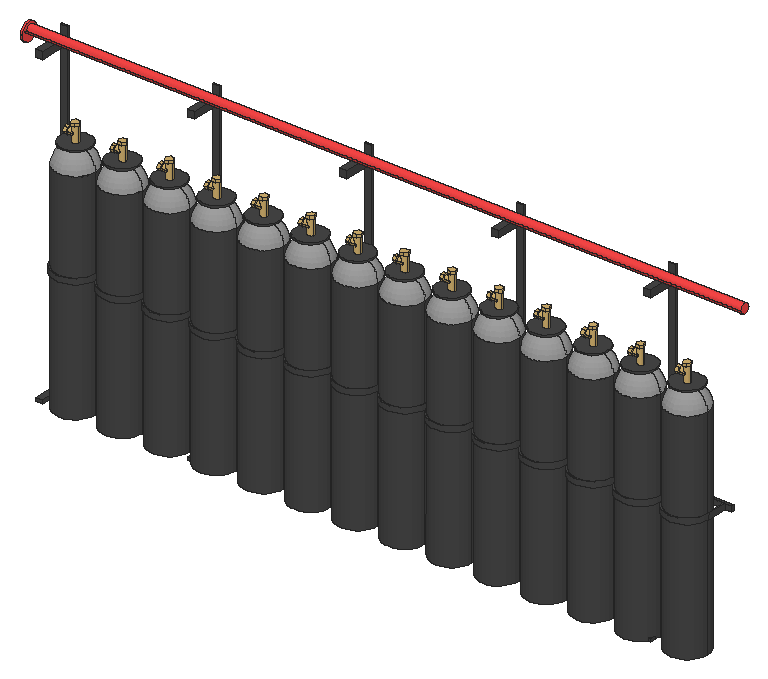
Revit family "Batería de cilindros de 80l en simple fila CO2_Aguilera Extincion", category Equipos especializados, Revit 2017
Family settings
  Anfitrión = Suelo
  Cota de conector redondo = Radio de uso
  Tipo de pieza = Normal
  Número OmniClass = 23.65.20.14.24
  Título OmniClass = Other Gas Storage Vessels
  Siempre vertical = Sí
  Corte con vacíos al cargar = No
  Compartido = No
  Punto de cálculo de habitación = No
Parameters (values of type "Batería 14 cilindros CO2 - 80 l")
  URL = "https://aguilera.es/?productos=baterias-de-botellas-en-una-fila-para-co2"
  Símbolo texto = yes
  Símbolo = yes
  Rc2 = Radio colector * 2  # 63.5 mm
  Radio colector = Diámetro colector / 2  # 31.75 mm
  R = Diámetro / 2  # 133.5 mm
  Número soportes = 5
  Número de cilindros = 14
  Modelo = "AEX/SBCO1480"
  Lt1 = Lt * 0.9  # 4663.8 mm
  Lt = 5182 mm
  Lci = D2 + 40 mm  # 380 mm
  Lcc = Lt1 / (Número soportes - 0.75)  # 1097.365 mm
  Lc = 340 mm  # constant formula
  Ht = Hc + Diámetro colector  # 2338.5 mm
  Hd = 1770 mm
  H2 = 1200 mm
  H1 = 600 mm
  Fabricante = "Aguilera Extinción"  # constant formula
  Diámetro colector = 63.5 mm
  Descripción = "Batería de alta presión formada con cilindros de 80 L de capacidad.\r\n\r\nFabricados en acero tratado térmicamente, sin soldadura, (según instrucción MIE AP7 de aparatos a presión y Directiva Europea 84/525/CEE). Presión de trabajo 60 bar, presión de prueba 250 bar, temperaturas de servicio de -20ºC a +50ºC. Grabados y pintados según normativa.\r\n\r\nEquipados con válvula principal AE-100 de 1” con apertura neumática a través del cabezal, válvulas antirretorno, latiguillos para el accionamiento neumático de disparo y latiguillos de descarga. Ensambladas en bastidor metálico con doble herraje de fijación y colector de descarga con rosca de acoplamiento a la instalación. Los bastidores pueden ser realizados mediante montaje de botellas en una sola fila."  # constant formula
  Diámetro = 267 mm
  Hc = 2275 mm  # constant formula
  D2 = 340 mm  # constant formula
  Cilindro = Cilindro autonomo CO2_Aguilera Extincion : Cilindro autónomo CO2 - 80 l
Types (14, lengths in mm): name | Rc2 | Radio colector | Número soportes | Número de cilindros | Modelo | Lt1 | Lt | Lcc | Ht | Diámetro colector
  (no name) | 63.5 | 31.75 | 5 | 14 | "AEX/SBCO1480" | 4663.8 | 5182 | 1097.365 | 2338.5 | 63.5
  Batería 2 cilindros CO2 - 80 l | 25.4 | 12.7 | 2 | 2 | "AEX/SBCO280" | 896.4 | 996 | 717.12 | 2300.4 | 25.4
  Batería 3 cilindros CO2 - 80 l | 31.8 | 15.9 | 2 | 3 | "AEX/SBCO380" | 1202.4 | 1336 | 961.92 | 2306.8 | 31.8
  Batería 4 cilindros CO2 - 80 l | 31.8 | 15.9 | 2 | 4 | "AEX/SBCO480" | 1508.4 | 1676 | 1206.72 | 2306.8 | 31.8
  Batería 5 cilindros CO2 - 80 l | 31.8 | 15.9 | 2 | 5 | "AEX/SBCO580" | 1814.4 | 2016 | 1451.52 | 2306.8 | 31.8
  Batería 6 cilindros CO2 - 80 l | 38.1 | 19.05 | 2 | 6 | "AEX/SBCO680" | 2120.4 | 2356 | 1696.32 | 2313.1 | 38.1
  Batería 7 cilindros CO2 - 80 l | 50.8 | 25.4 | 3 | 7 | "AEX/SBCO780" | 2426.4 | 2696 | 1078.4 | 2325.8 | 50.8
  Batería 8 cilindros CO2 - 80 l | 50.8 | 25.4 | 3 | 8 | "AEX/SBCO880" | 2732.4 | 3036 | 1214.4 | 2325.8 | 50.8
  Batería 9 cilindros CO2 - 80 l | 50.8 | 25.4 | 3 | 9 | "AEX/SBCO980" | 3041.1 | 3379 | 1351.6 | 2325.8 | 50.8
  Batería 10 cilindros CO2 - 80 l | 50.8 | 25.4 | 3 | 10 | "AEX/SBCO1080" | 3347.1 | 3719 | 1487.6 | 2325.8 | 50.8
  Batería 11 cilindros CO2 - 80 l | 50.8 | 25.4 | 4 | 11 | "AEX/SBCO1180" | 3653.1 | 4059 | 1124.031 | 2325.8 | 50.8
  Batería 12 cilindros CO2 - 80 l | 63.5 | 31.75 | 4 | 12 | "AEX/SBCO1280" | 3959.1 | 4399 | 1218.185 | 2338.5 | 63.5
  Batería 13 cilindros CO2 - 80 l | 63.5 | 31.75 | 4 | 13 | "AEX/SBCO1380" | 4265.1 | 4739 | 1312.338 | 2338.5 | 63.5
  Batería 14 cilindros CO2 - 80 l | 63.5 | 31.75 | 5 | 14 | "AEX/SBCO1480" | 4663.8 | 5182 | 1097.365 | 2338.5 | 63.5
Reference planes
  plane 1 "Centro (Frontal/Posterior)": y = 0
  plane 2: z = 0
  plane 3 "Centro (Izquierda/Derecha)": x = 0
  plane 4: y = 133.5
  plane 5: z = 600
  plane 6: z = 1200
  plane 7: z = 1565
  plane 8: z = 1703.58
  plane 9: z = 1770
  plane 10: z = 2275
  plane 11: z = 2338.5
  plane 12: x = -600
  plane 13: x = 4582
  plane 14: y = 153.5
  plane 15: x = -440
  plane 16: y = 40.5
  plane 17: z = 2318.5
Forms (mm)
  Extrusion 1, solid, material "Acero rojo"
    sketch origin (0, 0, 0) x (0, 1, 0) y (0, 0, 1)
      loop
        circle (40.5, 2306.75) r 31.75
    from -600 to 4582
  Extrusion 2, solid, material "Acero rojo"
    sketch origin (0, 0, 0) x (0, 1, 0) y (0, 0, 1)
      loop
        circle (40.5, 2284.1) r 63.5
    from -600 to -582.73
Dimensions and locks
  "H1": plane 5 to plane 2
  "H2": plane 6 to plane 2
  "Hd": plane 9 to plane 2
  "Hc": plane 10 to plane 2
  locked: plane 9 to plane 8 at 66.42
  locked: plane 9 to plane 7 at 205
  "R": plane 1 "Centro (Frontal/Posterior)" to plane 4
  "Lt": plane 13 to plane 12
  "Ht": plane 11 to plane 2
  locked: plane 11 to plane 17 at 20
  "Ht": Extrusion 1 sketch curve to plane 2
  equal spacing: group 1, group 2, group 5, group 6, group 7, group 8, group 9, group 10, group 12, group 13, group 14, group 15, group 16, group 17  (x3)
  "D2": nested 1 to nested 2
  equal spacing: group 3, group 4, group 11, group 18, group 19  (x3)
  "Lcc": nested 5 to plane 15
  "Lci": nested 1 to plane 12
  "Radio colector": radius of Extrusion 1 sketch curve
  "Rc2": radius of Extrusion 2 sketch curve
  aligned and locked: level to plane 2
  aligned and locked: Extrusion 1 to plane 12
  aligned and locked: plane 13 to Extrusion 1
  aligned and locked: Extrusion 2 to plane 12
Automatic sketch dimensions
  Extrusion 1 sketch curve to plane 16 = 0 mm
  Extrusion 2 sketch curve to plane 16 = 0 mm
  plane 10 to Extrusion 2 sketch curve = 9.1 mm
Nested families
  nested 1: "Cilindro autonomo CO2_Aguilera Extincion" at (-220, 0, 0), type <- "Cilindro", type "Cilindro autónomo CO2 - 80 l"
  nested 2: "Cilindro autonomo CO2_Aguilera Extincion" at (120, 0, 0), type <- "Cilindro", type "Cilindro autónomo CO2 - 80 l"
  nested 3: "S_Cilindros_Aguilera Extinción" at (0, 0, 0), visible <- "Símbolo", type "S_Cilindros_Aguilera Extinción", detail levels coarse
  nested 4: "Soporte suelo" at (-60, 153.5, 0), type "Soporte suelo"
    with Ht 2275 mm
  nested 5: "Soporte suelo" at (1037.365, 153.5, 0), type "Soporte suelo"
    with Ht 2275 mm
  nested 6: "Cilindro autonomo CO2_Aguilera Extincion" at (460, 0, 0), type <- "Cilindro", type "Cilindro autónomo CO2 - 80 l"
  nested 7: "Cilindro autonomo CO2_Aguilera Extincion" at (800, 0, 0), type <- "Cilindro", type "Cilindro autónomo CO2 - 80 l"
  nested 8: "Cilindro autonomo CO2_Aguilera Extincion" at (1140, 0, 0), type <- "Cilindro", type "Cilindro autónomo CO2 - 80 l"
  nested 9: "Cilindro autonomo CO2_Aguilera Extincion" at (1480, 0, 0), type <- "Cilindro", type "Cilindro autónomo CO2 - 80 l"
  nested 10: "Cilindro autonomo CO2_Aguilera Extincion" at (1820, 0, 0), type <- "Cilindro", type "Cilindro autónomo CO2 - 80 l"
  nested 11: "Cilindro autonomo CO2_Aguilera Extincion" at (2160, 0, 0), type <- "Cilindro", type "Cilindro autónomo CO2 - 80 l"
  nested 12: "Soporte suelo" at (2134.729, 153.5, 0), type "Soporte suelo"
    with Ht 2275 mm
  nested 13: "Cilindro autonomo CO2_Aguilera Extincion" at (2500, 0, 0), type <- "Cilindro", type "Cilindro autónomo CO2 - 80 l"
  nested 14: "Cilindro autonomo CO2_Aguilera Extincion" at (2840, 0, 0), type <- "Cilindro", type "Cilindro autónomo CO2 - 80 l"
  nested 15: "Cilindro autonomo CO2_Aguilera Extincion" at (3180, 0, 0), type <- "Cilindro", type "Cilindro autónomo CO2 - 80 l"
  nested 16: "Cilindro autonomo CO2_Aguilera Extincion" at (3520, 0, 0), type <- "Cilindro", type "Cilindro autónomo CO2 - 80 l"
  nested 17: "Cilindro autonomo CO2_Aguilera Extincion" at (3860, 0, 0), type <- "Cilindro", type "Cilindro autónomo CO2 - 80 l"
  nested 18: "Cilindro autonomo CO2_Aguilera Extincion" at (4200, 0, 0), type <- "Cilindro", type "Cilindro autónomo CO2 - 80 l"
  nested 19: "Soporte suelo" at (3232.094, 153.5, 0), type "Soporte suelo"
    with Ht 2275 mm
  nested 20: "Soporte suelo" at (4329.459, 153.5, 0), type "Soporte suelo"
    with Ht 2275 mm
Connectors
  piping at (-600, 40.5, 2306.75), diameter 63.5, driven by "Radio colector"
    settings: on Extrusion 1, index 1, connector inside diameter 609.6 mm, connector length 0 mm, flow factor 0, pipe flow 0.0 L/s, pressure drop 0.0 Pa, fitting loss kfactor 0, connector angle 0.00°, fixture units 0, engagement length 0 mm, angle of deflection 0.00°, flow configuration 0, flow direction 0, fitting loss method 0, system type 28, joint type 0, gender type 0, connector reference index -1, connector utility 0, adjustable connector no, is connector primary yes, connector description ""
Definition of nested family "Cilindro autonomo CO2_Aguilera Extincion"
  Parameters (values of type "Cilindro autónomo CO2 - 67 l")
    URL = "https://aguilera.es/?productos=botellas-autonomas-de-4-7-a-120-l-para-co2"
    Símbolo texto = yes
    Símbolo = yes
    R3 = R2 * 0.2  # 21.9 mm
    R2 = R * 0.75  # 109.5 mm
    R = Diámetro / 2  # 146 mm
    Model = "AEX/CO67A"
    Herraje 2 = no
    Hd = 1600 mm
    H2 = 800 mm
    H1 = 200 mm
    Manufacturer = "Aguilera Extinción"  # constant formula
    Description = "Cilindro autónomo, fabricado en acero aleado tratado térmicamente sin soldadura, (según instrucción MIE AP7 de aparatos a presión y Directiva Europea 84/525/CEE). Presión de trabajo 60 bar, presión de prueba 250 bar, temperatura de servicio de -20ºC a +50ºC. Grabados y pintados según normativa."  # constant formula
    Diámetro = 292 mm
    H = 1650 mm
    D2 = 402 mm
    Type Comments = "Equipados con:\r\nVálvula principal AE-100 de 1” fabricada en latón forjado con pistón y eje de acero inoxidable. Provista con disco de seguridad y válvula de alivio para evitar el disparo encaso de fugas.\r\nTubo sifón.\r\nSolenoide de disparo (alimentación 24V y 500mA de consumo).\r\nHerraje de sujeción.\r\nBrida.\r\nCaperuzo protector."  # constant formula
  Types (5, lengths in mm): name | R3 | R2 | R | Model | Hd | H2 | Diámetro | H | D2
    Cilindro autónomo CO2 - 6.7 l | 14.85 | 74.25 | 99 | "AEX/CO6A" | 700 | 350 | 198 | 750 | 274
    Cilindro autónomo CO2 - 13.4 l | 14.85 | 74.25 | 99 | "AEX/CO13A" | 1100 | 550 | 198 | 1150 | 274
    Cilindro autónomo CO2 - 26.8 l | 19.125 | 95.625 | 127.5 | "AEX/CO26A" | 1000 | 500 | 255 | 1050 | 364
    Cilindro autónomo CO2 - 67 l | 21.9 | 109.5 | 146 | "AEX/CO67A" | 1600 | 800 | 292 | 1650 | 402
    Cilindro autónomo CO2 - 80 l | 21.9 | 109.5 | 146 | "AEX/CO80A" | 1777 | 900 | 292 | 1827 | 402
  Reference planes
    plane 1 "Centro (Frontal/Posterior)": y = 0
    plane 2: z = 0
    plane 3 "Centro (Izquierda/Derecha)": x = 0
    plane 4: y = 146
    plane 5: z = 200
    plane 6: z = 800
    plane 7: z = 1395
    plane 8: z = 1533.58
    plane 9: z = 1600
    plane 10: z = 1650
    plane 11: x = -154
    plane 12: x = -146
    plane 13: x = 146
    plane 14: x = -146
    plane 15: x = 146
    plane 16: x = -133.5
    plane 17: x = 158.5
  Forms (mm)
    Extrusion 1, solid
      sketch origin (0, 0, 0) x (1, 0, 0) y (0, 1, 0)
        loop
          circle (0, 0) r 146
      from 0 to 1395
    Extrusion 2, solid
      sketch origin (-745.59, -6000, 1533.58) x (-1, 0, 0) y (0, -1, 0)
        loop
          circle (-745.59, -6000) r 21.9
      from 0 to 116.42
    Extrusion 3, solid, detail levels fine
      sketch origin (-40, 0, 0) x (0, 1, 0) y (0, 0, 1)
        loop
          line (13.01, 1622.534) -> (-13.01, 1622.534) -> (-26.02, 1600) -> (-13.01, 1577.466) -> (13.01, 1577.466) -> (26.02, 1600) -> (13.01, 1622.534)
      from -5 to -30
    Extrusion 4, solid, detail levels fine
      sketch origin (-70, 0, 0) x (0, -1, 0) y (0, 0, 1)
        loop
          circle (0, 1600) r 21.9
      from -70 to -25
    Revolve 5, solid
      sketch origin (0, 0, 0) x (1, 0, 0) y (0, 0, 1)
        loop
          line (-146, 1395) -> (0, 1395) -> (0, 1533.58) -> (-40, 1533.58)
          arc (-40, 1533.58) -> (-112.105, 1478.903) -> (-146, 1395) r 170.221
        axis (0, 1533.58) -> (0, 1395)
      angle from 0 to 360
    Extrusion 6, solid, detail levels fine
      sketch origin (-745.59, -6000, 800) x (-1, 0, 0) y (0, -1, 0)
        loop
          line (-544.59, -6166) -> (-544.59, -6146) -> (-590.59, -6146) -> (-590.59, -6000)
          arc (-590.59, -6000) -> (-745.59, -5845) -> (-900.59, -6000) r 155
          line (-900.59, -6000) -> (-900.59, -6146) -> (-946.59, -6146) -> (-946.59, -6166) -> (-544.59, -6166)
        loop
          arc (-599.59, -6000) -> (-745.59, -5854) -> (-891.59, -6000) r 146
          line (-891.59, -6000) -> (-891.59, -6146) -> (-599.59, -6146) -> (-599.59, -6000)
      from 20 to -20
    Extrusion 7, solid, visible <- "Herraje 2", detail levels fine
      sketch origin (-745.59, -6000, 200) x (-1, 0, 0) y (0, -1, 0)
        loop
          line (-544.59, -6166) -> (-544.59, -6146) -> (-590.59, -6146) -> (-590.59, -6000)
          arc (-590.59, -6000) -> (-745.59, -5845) -> (-900.59, -6000) r 155
          line (-900.59, -6000) -> (-900.59, -6146) -> (-946.59, -6146) -> (-946.59, -6166) -> (-544.59, -6166)
        loop
          arc (-599.59, -6000) -> (-745.59, -5854) -> (-891.59, -6000) r 146
          line (-891.59, -6000) -> (-891.59, -6146) -> (-599.59, -6146) -> (-599.59, -6000)
      from 20 to -20
    Extrusion 8, solid, detail levels fine
      sketch origin (-745.59, -6000, 1650) x (-1, 0, 0) y (0, -1, 0)
        loop
          line (-731.103, -6024.486) -> (-717.015, -6000.085) -> (-731.103, -5975.683) -> (-759.279, -5975.683) -> (-773.367, -6000.085) -> (-759.279, -6024.486) -> (-731.103, -6024.486)
      from 0 to 20
    Extrusion 9, solid, detail levels fine
      sketch origin (-745.59, -6000, 1533.58) x (-1, 0, 0) y (0, -1, 0)
        loop
          circle (-745.59, -5998.341) r 109.5
      from 0 to 10
  Lines and regions (mm)
    symbolic lines
      curve 1: line (0, 186, 0) -> (0, 146, 0)
      curve 2: line (-25, 166, 0) -> (25, 166, 0)
      curve 3: circle (0, 166, 0) r 15 normal (0, 0, 1)
  Dimensions and locks
    "H1": plane 5 to plane 2
    "H2": plane 6 to plane 2
    "Hd": plane 9 to plane 2
    "H": plane 10 to plane 2
    locked: plane 11 to plane 3 "Centro (Izquierda/Derecha)" at 154
    equal spacing: plane 12, plane 3 "Centro (Izquierda/Derecha)", plane 13
    "Diámetro": plane 12 to plane 13
    locked: plane 9 to plane 8 at 66.42
    locked: plane 9 to plane 7 at 205
    "R": plane 1 "Centro (Frontal/Posterior)" to plane 4
    equal spacing: plane 14, plane 3 "Centro (Izquierda/Derecha)", plane 15
    "Diámetro": plane 14 to plane 15
    equal spacing: Extrusion 6 sketch curve, plane 3 "Centro (Izquierda/Derecha)", Extrusion 6 sketch curve
    "D2": Extrusion 6 sketch curve to Extrusion 6 sketch curve
    plane 16 to plane 17 = 292 mm
    "Diámetro": plane 16 to plane 17
    Extrusion 7 sketch curve to Extrusion 7 sketch curve = 402 mm
    "D2": Extrusion 7 sketch curve to Extrusion 7 sketch curve
    equal spacing: Extrusion 6, plane 3 "Centro (Izquierda/Derecha)", Extrusion 6
    equal spacing: Extrusion 7, plane 3 "Centro (Izquierda/Derecha)", Extrusion 7
    locked: Extrusion 7 to Extrusion 7 at 9  (x2)
    "Diámetro": diameter of Extrusion 1 sketch curve
    "R2": radius of Extrusion 9 sketch curve
    "R3": radius of Extrusion 2 sketch curve
    "R3": radius of Extrusion 4 sketch curve
    aligned and locked: level to plane 2
    aligned and locked: plane 7 to Extrusion 1
    aligned and locked: plane 10 to Extrusion 2
    aligned and locked: Extrusion 2 to plane 8
    aligned and locked: plane 3 "Centro (Izquierda/Derecha)" to Extrusion 4
    aligned and locked: Revolve 5 sketch curve to plane 3 "Centro (Izquierda/Derecha)"  (x2)
    aligned and locked: Revolve 5 sketch curve to plane 7
    aligned and locked: Extrusion 6 sketch curve to Extrusion 6 sketch curve  (x2)
    aligned and locked: Extrusion 6 sketch curve to plane 4
    aligned and locked: Extrusion 6 sketch curve to plane 15
    aligned and locked: Extrusion 6 sketch curve to plane 14
    aligned and locked: Extrusion 7 sketch curve to Extrusion 7 sketch curve  (x2)
    aligned and locked: Extrusion 7 sketch curve to Extrusion 6  (x3)
    aligned and locked: plane 8 to Revolve 5 sketch curve
  Automatic sketch dimensions
    curve 1 to plane 3 "Centro (Izquierda/Derecha)" = 0 mm
    curve 3 to plane 3 "Centro (Izquierda/Derecha)" = 0 mm
    curve 1 to plane 4 = 0 mm
    curve 1 to curve 3 = 20 mm
    curve 2 to plane 3 "Centro (Izquierda/Derecha)" = 25 mm
    plane 3 "Centro (Izquierda/Derecha)" to curve 2 = 25 mm
    plane 4 to curve 2 = 20 mm
    curve 3 to curve 1 = 20 mm
    Extrusion 3 sketch curve to plane 9 = 0 mm  (x2)
    plane 1 "Centro (Frontal/Posterior)" to Extrusion 3 sketch curve = 26.02 mm
    plane 1 "Centro (Frontal/Posterior)" to Extrusion 3 sketch curve = 13.01 mm  (x2)
    Extrusion 3 sketch curve to plane 1 "Centro (Frontal/Posterior)" = 13.01 mm  (x2)
    Extrusion 3 sketch curve to Extrusion 3 sketch curve = 13.01 mm
    Extrusion 3 sketch curve to plane 9 = 22.534 mm
    plane 9 to Extrusion 3 sketch curve = 22.534 mm
    Extrusion 8 sketch curve to plane 1 "Centro (Frontal/Posterior)" = 0.085 mm  (x2)
    plane 3 "Centro (Izquierda/Derecha)" to Extrusion 8 sketch curve = 27.777 mm
    plane 3 "Centro (Izquierda/Derecha)" to Extrusion 8 sketch curve = 13.689 mm  (x2)
    Extrusion 8 sketch curve to plane 3 "Centro (Izquierda/Derecha)" = 14.487 mm  (x2)
    Extrusion 8 sketch curve to Extrusion 8 sketch curve = 14.088 mm
    Extrusion 8 sketch curve to plane 1 "Centro (Frontal/Posterior)" = 24.486 mm
    plane 1 "Centro (Frontal/Posterior)" to Extrusion 8 sketch curve = 24.317 mm
    plane 1 "Centro (Frontal/Posterior)" to Extrusion 1 sketch curve = 0 mm
    Extrusion 1 sketch curve to plane 3 "Centro (Izquierda/Derecha)" = 0 mm
    plane 1 "Centro (Frontal/Posterior)" to Extrusion 2 sketch curve = 0 mm
    Extrusion 2 sketch curve to plane 3 "Centro (Izquierda/Derecha)" = 0 mm
    Extrusion 4 sketch curve to Extrusion 3 = 22.534 mm  (x2)
    plane 12 to Revolve 5 sketch curve = 0 mm
    Revolve 5 sketch curve to plane 3 "Centro (Izquierda/Derecha)" = 40 mm
    Revolve 5 sketch curve to plane 7 = 19.514 mm
    Revolve 5 sketch curve to Revolve 5 sketch curve = 1.762 mm
    plane 10 to Revolve 5 sketch curve = 47 mm
    Extrusion 6 sketch curve to Extrusion 6 sketch curve = 0 mm  (x2)
    plane 1 "Centro (Frontal/Posterior)" to Extrusion 6 sketch curve = 0 mm
    Extrusion 6 sketch curve to plane 15 = 9 mm
    Extrusion 6 sketch curve to Extrusion 6 sketch curve = 20 mm
    Extrusion 7 sketch curve to Extrusion 7 sketch curve = 0 mm  (x2)
    Extrusion 7 sketch curve to plane 4 = 0 mm
    plane 1 "Centro (Frontal/Posterior)" to Extrusion 7 sketch curve = 0 mm
    plane 17 to Extrusion 7 sketch curve = 3.5 mm
    Extrusion 7 sketch curve to Extrusion 7 sketch curve = 20 mm
    Extrusion 9 sketch curve to plane 3 "Centro (Izquierda/Derecha)" = 0 mm
    plane 1 "Centro (Frontal/Posterior)" to Extrusion 9 sketch curve = 1.659 mm
    radius of curve 3 = 15 mm
  Nested families
    nested 1: "S_Cilindro_Aguilera Extinción" at (0, 0, 0), visible <- "Símbolo", type "S_Cilindro_Aguilera Extinción", detail levels coarse
  Definition of nested family "S_Cilindro_Aguilera Extinción"
    Parameters (values of type "S_Cilindro_Aguilera Extinción")
      Texto símbolo = "Cilindros"
      Texto modelo = yes
      Modelo = "Cilindros"
    Reference planes
      plane 1: y = 0
      plane 2: x = 0
    Lines and regions (mm)
      detail lines
        curve 1: line (-1.703, -1.659, 0) -> (1.659, -1.659, 0)
        curve 2: line (-1.703, 1.659, 0) -> (-1.703, -1.659, 0)
        curve 3: line (1.659, 1.659, 0) -> (-1.703, 1.659, 0)
        curve 4: line (1.659, -1.659, 0) -> (1.659, 1.659, 0)
        curve 5: circle (0, 0, 0) r 1.659 normal (0, 0, 1)
    Text (mm)
      label "Texto símbolo" at (-0.164, 3.111, 0), shows "Texto símbolo"
      label "Modelo" at (-0.164, -2.652, 0), shows "Modelo", visible <- "Texto modelo"
Definition of nested family "Soporte suelo"
  Parameters (values of type "Soporte suelo")
    Ht = 1266.694 mm
  Reference planes
    plane 1 "Centro (Frontal/Posterior)": y = 0
    plane 2: z = 0
    plane 3 "Centro (Izquierda/Derecha)": x = 0
    plane 4: z = 1266.694
  Forms (mm)
    Extrusion 1, solid
      sketch origin (-380, -6153.5, 976.911) x (0, 0, 1) y (0, -1, 0)
        loop
          line (354.783, -6153.5) -> (354.783, -6143.5) -> (289.783, -6143.5) -> (289.783, -5918.5) -> (239.783, -5918.5) -> (239.783, -6143.5) -> (-956.911, -6143.5) -> (-956.911, -5918.5) -> (-976.911, -5918.5) -> (-976.911, -6153.5) -> (354.783, -6153.5)
      from 0 to 50
  Lines and regions (mm)
    symbolic lines
      curve 1: line (-355, 20, 0) -> (-355, -20, 0)
      curve 2: line (-380, 0, 0) -> (-330, 0, 0)
      curve 3: circle (-355, 0, 0) r 15 normal (0, 0, 1)
  Dimensions and locks
    "Ht": plane 4 to plane 2
    aligned and locked: level to plane 2
    aligned and locked: Extrusion 1 sketch curve to plane 4
    aligned and locked: plane 1 "Centro (Frontal/Posterior)" to Extrusion 1 sketch curve
    aligned and locked: level to Extrusion 1 sketch curve
  Automatic sketch dimensions
    plane 1 "Centro (Frontal/Posterior)" to curve 2 = 0 mm
    plane 1 "Centro (Frontal/Posterior)" to curve 3 = 0 mm
    curve 3 to plane 3 "Centro (Izquierda/Derecha)" = 355 mm
    curve 1 to curve 3 = 0 mm
    curve 2 to curve 3 = 25 mm
    curve 3 to curve 2 = 25 mm
    plane 1 "Centro (Frontal/Posterior)" to curve 1 = 20 mm
    curve 1 to plane 1 "Centro (Frontal/Posterior)" = 20 mm
    level to Extrusion 1 sketch curve = 20 mm
    Extrusion 1 sketch curve to plane 4 = 50 mm
    plane 1 "Centro (Frontal/Posterior)" to Extrusion 1 sketch curve = 10 mm  (x2)
    Extrusion 1 sketch curve to Extrusion 1 sketch curve = 65 mm
    Extrusion 1 sketch curve to Extrusion 1 sketch curve = 225 mm  (x2)
    radius of curve 3 = 15 mm
Definition of nested family "S_Cilindros_Aguilera Extinción"
  Parameters (values of type "S_Cilindros_Aguilera Extinción")
    Texto símbolo = "Cilindros"
    Texto modelo = yes
    Modelo = "Cilindros"
  Reference planes
    plane 1: y = 0
    plane 2: x = 0
  Lines and regions (mm)
    detail lines
      curve 1: line (-6.666, -1.659, 0) -> (6.654, -1.659, 0)
      curve 2: line (-6.666, 1.659, 0) -> (-6.666, -1.659, 0)
      curve 3: line (6.654, 1.659, 0) -> (-6.666, 1.659, 0)
      curve 4: line (6.654, -1.659, 0) -> (6.654, 1.659, 0)
      curve 5: circle (-4.976, 0, 0) r 1.659 normal (0, 0, 1)
      curve 6: circle (-1.659, 0, 0) r 1.659 normal (0, 0, 1)
      curve 7: circle (1.659, 0, 0) r 1.659 normal (0, 0, 1)
      curve 8: circle (4.976, 0, 0) r 1.659 normal (0, 0, 1)
  Text (mm)
    label "Texto símbolo" at (-0.164, 3.111, 0), shows "Texto símbolo"
    label "Modelo" at (-0.164, -2.652, 0), shows "Modelo", visible <- "Texto modelo"
